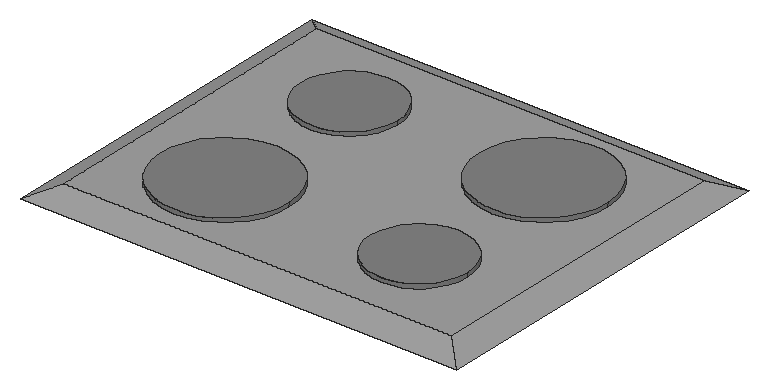
Revit family
Parameters (values of type "915 x 500mm")
  Burner Material = Metal - Chrome
  Cooktop Material = Metal - Steel, Polished
  Depth = 500.00 mm
  Width = 615.00 mm
  Assembly Code = ""
Reference planes
  plane 1 "Center (Front/Back)": y = 0
  plane 2: z = 900
  plane 3 "Center (Left/Right)": x = 0
  plane 4: x = -307.5
  plane 5: x = 307.5
  plane 6: y = 250
  plane 7: y = -250
  plane 8: y = 123
  plane 9: y = -123
  plane 10: x = -153.75
  plane 11: x = 153.75
Forms (mm)
  Blend 1, solid, material "Metal - Steel, Polished" <- "Cooktop Material"
    base sketch origin (0, 0, 0) x (1, 0, 0) y (0, 1, 0)
      loop
        line (-345.6, 288.1) -> (-345.6, -288.1) -> (345.6, -288.1) -> (345.6, 288.1) -> (-345.6, 288.1)
    top sketch origin (0, 0, 0) x (1, 0, 0) y (0, 1, 0)
      loop
        line (-307.5, 250) -> (-307.5, -250) -> (307.5, -250) -> (307.5, 250) -> (-307.5, 250)
    from 900 to 918
  Extrusion 2, solid
    sketch origin (0, 0, 918) x (-1, 0, 0) y (0, -1, 0)
      loop
        circle (153.75, -123) r 76.587
      loop
        circle (-153.75, 123) r 76.2
      loop
        circle (-153.75, -123) r 101.6
    from 0 to 6.35
  Extrusion 3, solid
    sketch origin (0, 0, 918) x (-1, 0, 0) y (0, -1, 0)
      loop
        circle (153.75, 123) r 101.6
    from 0 to 6.35
Lines and regions (mm)
  symbolic lines, style "SpecialityEquipment"
    curve 1: line (-345.6, 288.1, 0) -> (345.6, 288.1, 0)
    curve 2: line (-345.6, -288.1, 0) -> (-345.6, 288.1, 0)
    curve 3: line (345.6, -288.1, 0) -> (-345.6, -288.1, 0)
    curve 4: line (345.6, 288.1, 0) -> (345.6, -288.1, 0)
    curve 5: line (-307.5, 250, 0) -> (307.5, 250, 0)
    curve 6: line (-307.5, -250, 0) -> (-307.5, 250, 0)
    curve 7: line (307.5, -250, 0) -> (-307.5, -250, 0)
    curve 8: line (307.5, 250, 0) -> (307.5, -250, 0)
    curve 9: line (-102.95, 123, 0) -> (-52.15, 123, 0)
    curve 10: line (-204.55, 123, 0) -> (-255.35, 123, 0)
    curve 11: line (-153.75, 173.8, 0) -> (-153.75, 224.6, 0)
    curve 12: arc (-77.163, 123, 0) -> (-153.75, 199.587, 0) -> (-230.337, 123, 0) r 76.587
    curve 13: arc (-230.337, 123, 0) -> (-153.75, 46.413, 0) -> (-77.163, 123, 0) r 76.587
    curve 14: line (-204.55, -123, 0) -> (-231.3, -123, 0)
    curve 15: line (-153.75, -173.8, 0) -> (-153.75, -250, 0)
    curve 16: line (204.55, -123, 0) -> (255.35, -123, 0)
    curve 17: line (153.75, -173.8, 0) -> (153.75, -224.6, 0)
    curve 18: arc (153.75, -46.8, 0) -> (229.95, -123, 0) -> (153.75, -199.2, 0) r 76.2
    curve 19: arc (153.75, -46.8, 0) -> (77.55, -123, 0) -> (153.75, -199.2, 0) r 76.2
    curve 20: arc (255.35, 123, 0) -> (153.75, 224.6, 0) -> (52.15, 123, 0) r 101.6
    curve 21: arc (52.15, 123, 0) -> (153.75, 21.4, 0) -> (255.35, 123, 0) r 101.6
    curve 22: line (-153.75, 72.2, 0) -> (-153.75, 21.4, 0)
    curve 23: line (77.55, 123, 0) -> (1.35, 123, 0)
    curve 24: line (102.95, -123, 0) -> (26.75, -123, 0)
    curve 25: line (-102.95, -123, 0) -> (-76.2, -123, 0)
    curve 26: line (-153.75, -72.2, 0) -> (-153.75, 4.15, 0)
    curve 27: line (153.75, -72.2, 0) -> (153.75, -21.4, 0)
    curve 28: line (153.75, 72.2, 0) -> (153.75, -4, 0)
    curve 29: line (153.75, 173.8, 0) -> (153.75, 250, 0)
    curve 30: line (204.55, 123, 0) -> (280.75, 123, 0)
Dimensions and locks
  "Width": plane 4 to plane 5
  equal spacing: plane 7, plane 1 "Center (Front/Back)", plane 6
  equal spacing: plane 4, plane 3 "Center (Left/Right)", plane 5
  "Depth": plane 7 to plane 6
  plane 7 to Blend 1 sketch curve = 38.10 mm
  plane 8 to plane 6 = 127.00 mm
  plane 7 to plane 9 = 127.00 mm
  equal spacing: plane 4, plane 10, plane 3 "Center (Left/Right)"
  equal spacing: plane 3 "Center (Left/Right)", plane 11, plane 5
  aligned and locked: Extrusion 2 sketch curve to curve 20
Automatic sketch dimensions
  plane 4 to Blend 1 sketch curve = 38.10 mm
  Blend 1 sketch curve to plane 5 = 38.10 mm
  Blend 1 sketch curve to plane 6 = 38.10 mm
  Blend 1 sketch curve to plane 4 = 0.00 mm
  Blend 1 sketch curve to plane 5 = 0.00 mm
  Blend 1 sketch curve to plane 7 = 0.00 mm
  Blend 1 sketch curve to plane 6 = 0.00 mm
  Extrusion 2 sketch curve to plane 9 = 0.00 mm
  Extrusion 2 sketch curve to plane 11 = 0.00 mm
  Extrusion 2 sketch curve to plane 8 = 0.00 mm
  Extrusion 2 sketch curve to plane 10 = 0.00 mm
  Extrusion 2 sketch curve to Extrusion 2 sketch curve = 76.20 mm
  Extrusion 2 sketch curve to Extrusion 2 sketch curve = 76.587 mm
  Extrusion 3 sketch curve to plane 9 = 0.00 mm
  Extrusion 3 sketch curve to plane 10 = 0.00 mm
  Extrusion 3 sketch curve to Extrusion 3 sketch curve = 101.60 mm
  curve 7 to plane 4 = 0.00 mm
  curve 10 to plane 8 = 0.00 mm
  curve 26 to plane 10 = 0.00 mm
  curve 22 to plane 10 = 0.00 mm
  curve 11 to plane 10 = 0.00 mm
  curve 12 to plane 10 = 0.00 mm
  curve 15 to plane 10 = 0.00 mm
  curve 13 to plane 10 = 0.00 mm
  curve 25 to plane 9 = 0.00 mm
  curve 23 to plane 8 = 0.00 mm
  curve 24 to plane 9 = 0.00 mm
  curve 21 to plane 8 = 0.00 mm
  curve 17 to plane 11 = 0.00 mm
  curve 20 to plane 11 = 0.00 mm
  curve 28 to plane 11 = 0.00 mm
  curve 27 to plane 11 = 0.00 mm
  curve 29 to plane 6 = 0.00 mm
  curve 29 to plane 11 = 0.00 mm
  curve 16 to plane 9 = 0.00 mm
  curve 30 to plane 8 = 0.00 mm
  curve 8 to plane 5 = 0.00 mm
  curve 6 to plane 7 = 0.00 mm
  curve 18 to plane 9 = 0.00 mm
  curve 19 to plane 9 = 0.00 mm
  plane 4 to curve 3 = 38.10 mm
  curve 10 to curve 13 = 101.60 mm
  curve 10 to curve 13 = 25.013 mm
  curve 12 to curve 13 = 0.00 mm
  plane 10 to curve 14 = 50.80 mm
  curve 12 to curve 10 = 25.787 mm
  curve 9 to curve 13 = 25.787 mm
  curve 12 to curve 9 = 25.013 mm
  curve 23 to curve 20 = 152.40 mm
  plane 11 to curve 24 = 127.00 mm
  curve 23 to curve 21 = 50.80 mm
  curve 21 to curve 23 = 25.40 mm
  plane 11 to curve 24 = 50.80 mm
  curve 18 to curve 16 = 50.80 mm
  curve 30 to curve 20 = 50.80 mm
  curve 16 to curve 16 = 50.80 mm
  curve 20 to curve 30 = 25.40 mm
  curve 3 to plane 5 = 38.10 mm
  plane 7 to curve 4 = 38.10 mm
  curve 17 to plane 7 = 25.40 mm
  curve 17 to curve 19 = 25.40 mm
  curve 19 to curve 17 = 25.40 mm
  curve 26 to plane 9 = 50.80 mm
  curve 27 to curve 18 = 25.40 mm
  curve 19 to curve 27 = 25.40 mm
  curve 26 to curve 26 = 76.35 mm
  plane 8 to curve 28 = 127.00 mm
  curve 22 to curve 12 = 101.60 mm
  curve 22 to curve 12 = 50.80 mm
  plane 8 to curve 28 = 50.80 mm
  curve 11 to plane 8 = 50.80 mm
  curve 20 to curve 29 = 50.80 mm
  plane 6 to curve 11 = 25.40 mm
  curve 1 to plane 6 = 38.10 mm
  curve 14 to plane 9 = 0.00 mm
  curve 14 to plane 4 = 76.20 mm
  curve 25 to plane 10 = 50.80 mm
  curve 25 to plane 3 "Center (Left/Right)" = 76.20 mm
  plane 9 to curve 15 = 50.80 mm
